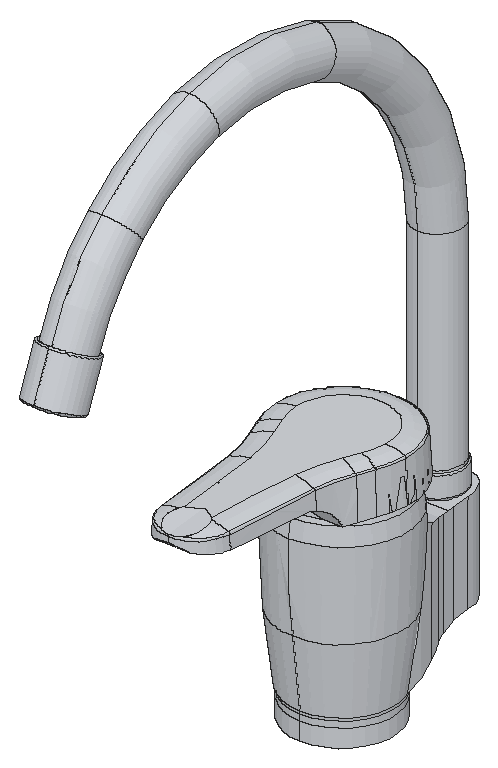
Revit family "Faucet-Kitchen-KOHLER-CANDIDE-K-668X_1", category Plumbing Fixtures, host Face, Revit 2017
Family settings
  Host = Face
  Round Connector Dimension = Use Diameter
  Part Type = Normal
  OmniClass Number = 23.31.11.00
  Cut with Voids When Loaded = No
  Shared = No
  Room Calculation Point = No
Parameters (values of type "CP-Polished Chrome")
  Width = 2 127/256"  # constant formula
  WaterSense Certified = 1 = 0  # no
  Waste Water Outlet = "Waste Water Outlet"  # constant formula
  Waste Connection = 1 = 0  # no
  Vent Connection = 1 = 0  # no
  URL = "https://www.kohler.co.th/"
  Type = 1
  Spout Reach = 6 117/256"  # constant formula
  Product Page URL = "https://www.kohler.co.th/productDetails/668X?skuid=668X-CP"
  Product Name = "CANDIDE"  # constant formula
  Product Documentation Link = "http://resources.kohler.com/plumbing/kohlerapac/pdf/x4_170325230228.pdf"
  Pressure = 0.00 psi
  Model = "K-668X-CP"  # constant formula
  Material = "Brass Construction"  # constant formula
  Master Format 2014 Name = "Residential Faucets, Supplies, and Trim"  # constant formula
  Master Format 2014 = "22 41 39"  # constant formula
  Manufacturer Address = "16th Floor, Jasmine City Building 2, Soi Sukhumvit 23, Sukhumvit Road, Khlong Toei Nuea, Watthana, Bangkok 10110"  # constant formula
  Manufacturer = "KOHLER Co."  # constant formula
  Length = Spout Reach  # 6 117/256"
  Hot Water Inlet = "Hot Water Inlet"  # constant formula
  Height = 11 167/256"  # constant formula
  Handle Clearance = 3 115/128"  # constant formula
  HW Connection = 1 = 1  # yes
  Flow Rate = 0 GPM
  Finish = Kohler-Metal-CP-Polished_Chrome
  Environmental Product Declaration = ""
  Drain Included = 1 = 0  # no
  Description = "Sink Mixer Faucet"  # constant formula
  Default Elevation = 36"
  Declare Label = ""
  Date Modified = "08/20/2020"  # constant formula
  Date Created = "08/20/2020"  # constant formula
  Copyright = "Copyright KOHLER Co."  # constant formula
  Contact Us = "https://www.kohler.co.th/contact-us"
  Cold Water Inlet = "Cold Water Inlet"  # constant formula
  CW Connection = 1 = 1  # yes
  Assembly Code = "D2010"
  ADA Compliant = 1 = 0  # no
Reference planes (in)
  plane 1 "Center (Front/Back)": y = 0
  plane 2: z = 0
  plane 3 "Center (Left/Right)": x = 0
  plane 4: y = 2.7107192
  plane 5: y = -6.9523039
  plane 6: y = 1.2529744
  plane 7: y = -1.2529744
  plane 8: x = -1.2486729
  plane 9: x = 1.2474209
  plane 10: z = 11.6523437
  plane 11: z = 7.7952756
  plane 12: y = -6.4570313
  plane 13: y = 0.9130575
  plane 14: y = -0.9579793
  plane 15: z = 4.6850394
  plane 16: z = 3.8355063
  plane 17: y = -3.8984375
  plane 18: x = -0.9355469
  plane 19: x = 0.9355469
  plane 20: x = -0.4921081
  plane 21: x = -0.4319135
  plane 22: x = 0.4921081
  plane 23: x = 0.4319135
Dimensions and locks (in)
  "Handle Clearance": plane 1 "Center (Front/Back)" to plane 17
  plane 11 to level = 7.79528"
  "Spout Reach": nested 1 to plane 12
  plane 15 to level = 4.68504"
  "Length": plane 12 to plane 1 "Center (Front/Back)"
  "Height": plane 10 to level
  "Width": plane 8 to plane 9
  locked: plane 19 to plane 18 at 1.8710937
  aligned and locked: plane 2 to host face
  aligned and locked: level to host face
Automatic sketch dimensions
  host sketch curve to host sketch curve = 96"  (x2)
Nested families (in)
  nested 1: "K-668X" at (0, 0, 0), type "K-668X"
Connectors (in)
  piping at (-0.4921081, 0, 0), diameter 0.5, driven by "Flow Rate", driven by "HW Connection", driven by "Hot Water Inlet"
    settings: on nested 1, index 1, connector inside diameter 24", connector length 0", flow factor 0, pipe flow 0 GPM, pressure drop 0.00 psi, fitting loss kfactor 0, connector angle 0.00°, fixture units 0, engagement length 0", angle of deflection 0.00°, flow configuration 0, flow direction 1, fitting loss method 0, system type 19, joint type 0, gender type 0, connector reference index -1, connector utility 1, adjustable connector no, is connector primary yes, connector description "Hot Water Inlet"
  piping at (0.4921081, 0, 0), diameter 0.5, driven by "Flow Rate", driven by "CW Connection", driven by "Cold Water Inlet"
    settings: on nested 1, index 2, connector inside diameter 24", connector length 0", flow factor 0, pipe flow 0 GPM, pressure drop 0.00 psi, fitting loss kfactor 0, connector angle 0.00°, fixture units 0, engagement length 0", angle of deflection 0.00°, flow configuration 0, flow direction 1, fitting loss method 0, system type 20, joint type 0, gender type 0, connector reference index -1, connector utility 1, adjustable connector no, is connector primary no, connector description "Cold Water Inlet"
Definition of nested family "K-668X"
  Parameters (values of type "K-668X")
    Material = none
  Reference planes (in)
    plane 1 "Center (Front/Back)": y = 0
    plane 2: z = 0
    plane 3 "Center (Left/Right)": x = 0
    plane 4: z = 11.6535433
    plane 5: y = -6.4566929
    plane 6: z = 4.6703909
    plane 7: z = 7.7952756
    plane 8: y = 2.7107192
    plane 9: y = 2.5876289
    plane 10: y = 2.5482999
    plane 11: y = 2.1249691
    plane 12: y = 1.2527038
    plane 13: x = -0.4330121
    plane 14: x = 0.4330121
    plane 15: y = -6.9511514
    plane 16: z = 8.8410068
    plane 17: z = 8.8015103
    plane 18: z = 8.0030821
    plane 19: z = 7.9523007
    plane 20: z = 7.6162777
    plane 21: z = 7.6670591
    plane 22: x = -0.4921081
    plane 23: x = 0.4921081
    plane 24: x = 0.9355125
    plane 25: x = -0.9355125
    plane 26: y = 1.6427782
    plane 27: y = 1.6821071
    plane 28: y = 0.9130575
    plane 29: y = -0.9599325
    plane 30: x = -1.2320713
    plane 31: x = 1.2330479
    plane 32: z = 3.8355063
    plane 33: y = -3.8975901
    plane 34: y = -1.2124824
    plane 35: z = 2.7822491
    plane 36: z = 3.1956456
    plane 37: z = 4.2976343
  Forms (in)
    Sweep 1, solid, material <- "Material", detail levels medium+fine
      path origin (0, -0.0170898, 0) x (0, 1, 0) y (0, 0, 1)
        loop
          line (1.7028033, 3.1423734) -> (1.7028033, 3.2350153) -> (1.7028033, 7.0303373)
          arc (1.7028033, 7.0303373) -> (1.0013905, 9.2082996) -> (-0.8392009, 10.5676093) r 3.73211
          arc (-0.8392009, 10.5676093) -> (-2.0100515, 10.7791332) -> (-3.1922794, 10.6450782) r 4.0941936
          arc (-3.1922794, 10.6450782) -> (-4.0500731, 10.3032866) -> (-4.8015604, 9.7667249) r 3.8425359
          arc (-4.8015604, 9.7667249) -> (-5.346136, 9.1375652) -> (-5.7302313, 8.3994085) r 3.5691785
      profile origin (0, 1.6857135, 5.1326763) x (0, -1, 0) y (1, 0, 0)
        loop
          circle (-0.4303468, 0) r 0.4319193
    Revolve 2, solid, material <- "Material", detail levels medium+fine
      sketch origin (0, -0.0112305, 0) x (0, 1, 0) y (0, 0, 1)
        loop
          line (-0.0112246, 0) -> (-0.0112246, 4.4687613)
          arc (-0.0112246, 4.4687613) -> (-0.6063344, 4.4304029) -> (-1.1933419, 4.3252876) r 5.2883805
          arc (-1.1933419, 4.3252876) -> (-1.2076676, 4.3165678) -> (-1.2141624, 4.3011057) r 0.0272183
          arc (-1.2141624, 4.3011057) -> (-1.2313399, 4.0684642) -> (-1.2434926, 3.8355063) r 10.8082384
          line (-1.2434926, 3.8355063) -> (-1.1152354, 3.8355063)
          arc (-1.1152354, 3.8355063) -> (-1.1337818, 3.7581188) -> (-1.1512948, 3.6804909) r 5.9687304
          arc (-1.1512948, 3.6804909) -> (-1.1789918, 3.5213025) -> (-1.1929271, 3.3603246) r 1.8813095
          arc (-1.1929271, 3.3603246) -> (-1.1913746, 2.5588582) -> (-1.1172649, 1.7608241) r 8.8431298
          arc (-1.1172649, 1.7608241) -> (-1.0339961, 1.1270506) -> (-0.9599811, 0.4921299) r 43.8202248
          arc (-0.9599811, 0.4921299) -> (-0.9572024, 0.4679914) -> (-0.9541414, 0.4438871) r 2.0758828
          arc (-0.9541414, 0.4438871) -> (-0.9482026, 0.3831854) -> (-0.9464803, 0.3222183) r 0.8805129
          arc (-0.9464803, 0.3222183) -> (-0.9470599, 0.1611095) -> (-0.9467371, 0) r 28.7657648
          line (-0.9467371, 0) -> (-0.0112246, 0)
        axis (-0.0112246, 4.4687613) -> (-0.0112246, 0)
      angle from 0 to 360
    Extrusion 3, solid, material <- "Material", detail levels medium+fine
      sketch origin (0, 0, 0) x (0, 1, 0) y (0, 0, 1)
        loop
          arc (1.6255648, 2.7773663) -> (1.2396003, 2.8300815) -> (0.8819079, 2.9843657) r 1.4393136
          arc (0.8819079, 2.9843657) -> (0.5724683, 3.1074563) -> (0.2398595, 3.1240547) r 1.0176236
          line (0.2398595, 3.1240547) -> (0.2398595, 0.4897253)
          arc (0.2398595, 0.4897253) -> (0.7447201, 0.6314228) -> (1.2382012, 0.8087327) r 7.3546461
          arc (1.2382012, 0.8087327) -> (1.7553335, 0.9513569) -> (2.2912023, 0.976096) r 2.4108211
          arc (2.2912023, 0.976096) -> (2.5881472, 1.0823687) -> (2.7135857, 1.3717392) r 0.3964897
          line (2.7135857, 1.3717392) -> (2.7135857, 2.0851998)
          arc (2.7135857, 2.0851998) -> (2.6865972, 2.2505587) -> (2.7135857, 2.4159177) r 0.5200737
          line (2.7135857, 2.4159177) -> (2.7135857, 2.7773663) -> (1.6255648, 2.7773663)
      from -0.8946167 to 0.905329
    Extrusion 4, void
      sketch origin (0, 0, 0) x (1, 0, 0) y (0, 1, 0)
        loop
          line (1.2971608, 2.7448357) -> (-1.2346608, 2.7448357) -> (-1.2346608, 0.0485046) -> (-0.8946167, 0.0485046)
          arc (-0.8946167, 0.0485046) -> (-0.8764955, 0.2950364) -> (-0.8848581, 0.5420919) r 2.3068631
          arc (-0.8848581, 0.5420919) -> (-0.875552, 0.7768835) -> (-0.8075216, 1.0017958) r 0.9271912
          arc (-0.8075216, 1.0017958) -> (-0.7637992, 1.0977088) -> (-0.7187516, 1.1930065) r 7.604568
          arc (-0.7187516, 1.1930065) -> (-0.68517, 1.2679642) -> (-0.6557305, 1.3446432) r 1.5040474
          arc (-0.6557305, 1.3446432) -> (-0.6060316, 1.5370921) -> (-0.5902211, 1.7352248) r 1.1497268
          arc (-0.5902211, 1.7352248) -> (-0.5866366, 1.8727031) -> (-0.5739968, 2.009646) r 2.0850071
          arc (-0.5739968, 2.009646) -> (-0.5541818, 2.1507411) -> (-0.5302838, 2.2912023) r 4.9130203
          arc (-0.5302838, 2.2912023) -> (-0.5016821, 2.3881549) -> (-0.4537038, 2.4771265) r 0.4875895
          arc (-0.4537038, 2.4771265) -> (-0.3322877, 2.6037307) -> (-0.1762236, 2.683821) r 0.5305236
          arc (-0.1762236, 2.683821) -> (0.0001688, 2.7111075) -> (0.1765004, 2.6834308) r 0.5796389
          arc (0.1765004, 2.6834308) -> (0.3322535, 2.6033244) -> (0.4537038, 2.4771265) r 0.5339129
          arc (0.4537038, 2.4771265) -> (0.5413708, 2.2947694) -> (0.5698945, 2.0944546) r 0.6623516
          arc (0.5698945, 2.0944546) -> (0.5729182, 1.9146047) -> (0.5862575, 1.7352248) r 3.1332639
          arc (0.5862575, 1.7352248) -> (0.6041062, 1.5939369) -> (0.6283564, 1.4536061) r 3.1332639
          arc (0.6283564, 1.4536061) -> (0.6483607, 1.3709742) -> (0.6754971, 1.2904024) r 0.9736597
          arc (0.6754971, 1.2904024) -> (0.7273457, 1.1545799) -> (0.7781407, 1.0183599) r 18.7678559
          arc (0.7781407, 1.0183599) -> (0.8672537, 0.678045) -> (0.8891283, 0.3269371) r 1.8172824
          arc (0.8891283, 0.3269371) -> (0.8907616, 0.1873445) -> (0.905329, 0.0485046) r 1.5042194
          line (0.905329, 0.0485046) -> (1.2971608, 0.0485046) -> (1.2971608, 2.7448357)
      from 0.4330709 to 3.2041795
    Revolve 5, solid, material <- "Material", detail levels medium+fine
      sketch origin (0, -0.0215187, -0.0001636) x (0, 1, 0) y (0, 0, 1)
        loop
          line (-6.1141515, 8.6070724) -> (-6.4313598, 7.8597765) -> (-6.1035276, 7.72062) -> (-6.122943, 7.6748802)
          arc (-6.122943, 7.6748802) -> (-6.123103, 7.656544) -> (-6.1102505, 7.6434652) r 0.0239583
          line (-6.1102505, 7.6434652) -> (-6.026152, 7.6077676)
          arc (-6.026152, 7.6077676) -> (-6.0103391, 7.6076296) -> (-5.9990601, 7.6187134) r 0.0206614
          line (-5.9990601, 7.6187134) -> (-5.6689998, 8.3962868)
          arc (-5.6689998, 8.3962868) -> (-5.6688656, 8.4116659) -> (-5.6796454, 8.4226355) r 0.0200946
          line (-5.6796454, 8.4226355) -> (-6.1141515, 8.6070724)
        axis (-6.4601364, 7.791983) -> (-6.1141515, 8.6070724)
      angle from 0 to 360
    Extrusion 6, void
      sketch origin (0, 0, 0) x (1, 0, 0) y (0, 0, 1)
        loop
          circle (0.0045023, 2.2120603) r 0.1651425
      from -2.7442453 to -2.6212152
    Sweep 7, solid, material <- "Material", detail levels medium+fine
      path origin (0, 0, 0) x (1, 0, 0) y (0, 1, 0)
        loop
          arc (0.7603187, -1.5947352) -> (0.8285612, -1.2404186) -> (0.9409831, -0.8975504) r 2.8527827
          arc (0.9409831, -0.8975504) -> (1.0004101, -0.7469901) -> (1.0585732, -0.5959371) r 19.3142825
          arc (1.0585732, -0.5959371) -> (1.1350286, -0.3436037) -> (1.1759608, -0.0831385) r 1.9076238
          arc (1.1759608, -0.0831385) -> (0.034037, 1.1994076) -> (-1.1807002, -0.0143997) r 1.1807867
          arc (-1.1807002, -0.0143997) -> (-1.1491777, -0.294346) -> (-1.0714322, -0.5651211) r 1.684139
          arc (-1.0714322, -0.5651211) -> (-1.0074211, -0.7315799) -> (-0.9421544, -0.8975504) r 23.6085344
          arc (-0.9421544, -0.8975504) -> (-0.8300264, -1.2404948) -> (-0.76149, -1.5947352) r 2.8909457
          arc (-0.76149, -1.5947352) -> (-0.6661577, -2.4501829) -> (-0.6011364, -3.3084667) r 24.3361922
          arc (-0.6011364, -3.3084667) -> (-0.416368, -3.7086493) -> (-0.0085214, -3.8758218) r 0.6022868
          arc (-0.0085214, -3.8758218) -> (0.4103488, -3.7145942) -> (0.6014167, -3.3084667) r 0.6022868
          arc (0.6014167, -3.3084667) -> (0.6660721, -2.4502291) -> (0.7603187, -1.5947352) r 24.9258612
      profile origin (0.034037, 1.1994076, 0) x (0.029155, 0.999575, 0) y (0, 0, 1)
        loop
          arc (0.0504039, 3.8355063) -> (0.0390869, 4.2024025) -> (0.0143094, 4.5686359) r 9.9978913
          arc (0.0143094, 4.5686359) -> (0.0074172, 4.5870609) -> (-0.0080173, 4.5992577) r 0.0366057
          arc (-0.0080173, 4.5992577) -> (-0.1807502, 4.6522241) -> (-0.3605336, 4.6701134) r 0.9123347
          line (-0.3605336, 4.6701134) -> (-0.4790338, 4.6701134) -> (-0.4790338, 3.8355063) -> (0.0504039, 3.8355063)
    Extrusion 8, solid, material <- "Material", detail levels medium+fine
      sketch origin (0, 0, 0) x (1, 0, 0) y (0, 1, 0)
        loop
          arc (0.6987268, -0.041652) -> (0.0200705, 0.7205775) -> (-0.7018595, -0.0007999) r 0.7017529
          arc (-0.7018595, -0.0007999) -> (-0.6793032, -0.2011187) -> (-0.6236715, -0.394875) r 1.2051052
          arc (-0.6236715, -0.394875) -> (-0.5609592, -0.5579562) -> (-0.4970168, -0.7205591) r 23.1295006
          arc (-0.4970168, -0.7205591) -> (-0.3663091, -1.1203298) -> (-0.2864161, -1.5332684) r 3.3699795
          arc (-0.2864161, -1.5332684) -> (-0.1892072, -2.4055547) -> (-0.1229061, -3.280733) r 24.815226
          arc (-0.1229061, -3.280733) -> (-0.0850947, -3.362627) -> (-0.0016323, -3.3968375) r 0.123253
          arc (-0.0016323, -3.3968375) -> (0.084086, -3.3638436) -> (0.1231864, -3.280733) r 0.123253
          arc (0.1231864, -3.280733) -> (0.1890844, -2.4060014) -> (0.2851423, -1.5340664) r 25.404895
          arc (0.2851423, -1.5340664) -> (0.3648438, -1.1202536) -> (0.4961434, -0.7198117) r 3.3318165
          arc (0.4961434, -0.7198117) -> (0.5540965, -0.5729856) -> (0.6108171, -0.425679) r 18.8352487
          arc (0.6108171, -0.425679) -> (0.6680733, -0.2367104) -> (0.6987268, -0.041652) r 1.42859
      from 3.8355063 to 4.6701134
    Extrusion 9, void
      sketch origin (0, 0, 0) x (0, 1, 0) y (0, 0, 1)
        loop
          line (-1.8588169, 4.2976545) -> (-2.5079346, 4.2976545)
          arc (-2.5079346, 4.2976545) -> (-3.1367205, 4.3178008) -> (-3.762927, 4.378157) r 9.8226022
          arc (-3.762927, 4.378157) -> (-3.8704462, 4.4353389) -> (-3.9134223, 4.5492828) r 0.1725399
          line (-3.9134223, 4.5492828) -> (-3.9134223, 4.8407307) -> (-4.18179, 4.8407307) -> (-4.18179, 3.7694499) -> (-1.1053543, 3.7694499)
          arc (-1.1053543, 3.7694499) -> (-1.3987337, 4.1524503) -> (-1.8588169, 4.2976545) r 0.8014944
      from -1.3230684 to 1.3433175
    Extrusion 10, void
      sketch origin (0, 0, 0) x (1, 0, 0) y (0, 0, 1)
        loop
          circle (0.0003126, 4.1192439) r 0.1701332
      from 1.1511372 to 1.7663584
    Revolve 11, solid, material <- "Material", detail levels medium+fine
      sketch origin (0, 0, 0) x (0, 1, 0) y (0, 0, 1)
        loop
          line (-1.1975537, 4.131133) -> (-1.2153595, 4.2761499) -> (-1.3423329, 4.2605596)
          arc (-1.3423329, 4.2605596) -> (-1.3854168, 4.1897163) -> (-1.3929393, 4.1071427) r 0.1835972
          line (-1.3929393, 4.1071427) -> (-1.1975537, 4.131133)
        axis (-1.3929393, 4.1071427) -> (-1.1975537, 4.131133)
      angle from 0 to 360
    Revolve 12, solid, material <- "Material", detail levels medium+fine
      sketch origin (0, 0, 0) x (0, 1, 0) y (0, 0, 1)
        loop
          line (2.1152549, 3.1956539) -> (2.1152549, 2.7765539) -> (2.5594709, 2.7765539)
          arc (2.5594709, 2.7765539) -> (2.5787436, 2.7845369) -> (2.5867267, 2.8038097) r 0.0272558
          line (2.5867267, 2.8038097) -> (2.5867267, 3.1759853)
          arc (2.5867267, 3.1759853) -> (2.5809659, 3.1898931) -> (2.5670581, 3.1956539) r 0.0196686
          line (2.5670581, 3.1956539) -> (2.1152549, 3.1956539)
        axis (2.1152549, 2.7765539) -> (2.1152549, 3.1956539)
      angle from 0 to 360
    Extrusion 13, solid, material <- "Material", detail levels medium+fine
      sketch origin (0, 0, 0) x (1, 0, 0) y (0, 1, 0)
        loop
          circle (-0.4921081, 0) r 0.25
        loop
          circle (0.4921081, 0) r 0.25
      from 0 to 0.2313432
    Extrusion 14, solid, material <- "Material", detail levels coarse
      sketch origin (0, 0, 0) x (1, 0, 0) y (0, 1, 0)
        loop
          circle (-0.0141216, 0.0061511) r 1.5
      from 0 to 4.658918
    Extrusion 15, solid, material <- "Material", detail levels coarse
      sketch origin (0, 0, 0) x (1, 0, 0) y (0, 1, 0)
        loop
          line (0.9114295, -1.1326753) -> (-0.9114295, -1.1326753) -> (-0.6296172, -3.3393131)
          arc (-0.6296172, -3.3393131) -> (0, -3.8936349) -> (0.6296172, -3.3393131) r 0.634731
          line (0.6296172, -3.3393131) -> (0.9114295, -1.1326753)
      from 4.2976545 to 4.658918
    Extrusion 16, solid, material <- "Material", detail levels coarse
      sketch origin (0, 0, 0) x (1, 0, 0) y (0, 1, 0)
        loop
          line (-0.8005033, 1.039284) -> (0.8455326, 1.039284) -> (0.8455326, 2.789284) -> (-0.8005033, 2.789284) -> (-0.8005033, 1.039284)
      from 0.6026197 to 3.1423734
    Sweep 17, solid, material <- "Material", detail levels coarse
      path origin (0, 0.0835886, -0.0275339) x (0, 1, 0) y (0, 0, 1)
        loop
          line (1.539284, 3.1423734) -> (1.539284, 7.0485534)
          arc (1.539284, 7.0485534) -> (-1.6683346, 10.7591224) -> (-5.8038213, 8.12191) r 3.75
          line (-5.8038213, 8.12191) -> (-5.9770755, 7.5419344)
      profile origin (0, 1.6228726, 5.0679295) x (0, -1, 0) y (1, 0, 0)
        loop
          circle (-0.5864914, 0.0082058) r 0.5609206
    Extrusion 18, void
      sketch origin (0, 0.4670427, 0.4112679) x (1, 0, 0) y (0, -0.104528, 0.994522)
        loop
          arc (-0.5932286, 4.6900214) -> (-0.0082517, 4.608181) -> (0.5767252, 4.6900214) r 2.1315611
          line (0.5767252, 4.6900214) -> (-0.5932286, 4.6900214)
      from 2.8012674 to 4.0080283
  Cuts and joins
    Extrusion 9, Extrusion 10, Extrusion 18 cuts Sweep 7
    Extrusion 9, Extrusion 10, Extrusion 18 cuts Extrusion 8
    joined: Sweep 7, Extrusion 8, Revolve 12
    Extrusion 4, Extrusion 6 cuts Extrusion 3
    joined: Sweep 1, Revolve 2, Extrusion 3, Revolve 5, Revolve 11, Extrusion 13
    joined: Extrusion 14, Extrusion 15, Extrusion 16, Sweep 17
  Lines and regions (in)
    Masking region 1
      outline origin (0, 0, 0) x (1, 0, 0) y (0, 1, 0)
        loop
          arc (-0.5064357, 2.3737068) -> (-0.5455639, 2.2505473) -> (-0.5649466, 2.1227836) r 0.8236297
          arc (-0.5649466, 2.1227836) -> (-0.5777665, 1.9234059) -> (-0.5874671, 1.7238521) r 12.7761709
          line (-0.5874671, 1.7238521) -> (-0.6244624, 1.4806849)
          arc (-0.6244624, 1.4806849) -> (-0.7367699, 1.164044) -> (-0.894888, 0.8676099) r 2.2543669
          arc (-0.894888, 0.8676099) -> (-1.2141856, 0.1903304) -> (-1.1230967, -0.5528796) r 1.3488756
          arc (-1.1230967, -0.5528796) -> (-0.9270422, -1.0834663) -> (-0.7841224, -1.630763) r 5.7443101
          line (-0.7841224, -1.630763) -> (-0.6258005, -3.359859)
          arc (-0.6258005, -3.359859) -> (-0.5658827, -3.563234) -> (-0.4330764, -3.7285035) r 0.5465354
          line (-0.4330764, -3.7285035) -> (-0.4330764, -5.9021085)
          arc (-0.4330764, -5.9021085) -> (-0.4773411, -6.0142113) -> (-0.49241, -6.1337912) r 0.4819975
          line (-0.49241, -6.1337912) -> (-0.49241, -6.4582533)
          arc (-0.49241, -6.4582533) -> (0.022927, -6.9511514) -> (0.49241, -6.4143959) r 0.4933866
          line (0.49241, -6.4143959) -> (0.49241, -6.1337912)
          arc (0.49241, -6.1337912) -> (0.4773411, -6.0142113) -> (0.4330764, -5.9021085) r 0.4819975
          line (0.4330764, -5.9021085) -> (0.4330764, -3.7285035)
          arc (0.4330764, -3.7285035) -> (0.5658827, -3.563234) -> (0.6258005, -3.359859) r 0.5465354
          line (0.6258005, -3.359859) -> (0.7841224, -1.630763)
          arc (0.7841224, -1.630763) -> (0.9270422, -1.0834663) -> (1.1230967, -0.5528796) r 5.7443101
          arc (1.1230967, -0.5528796) -> (1.2141856, 0.1903304) -> (0.894888, 0.8676099) r 1.3488756
          arc (0.894888, 0.8676099) -> (0.744727, 1.1462141) -> (0.635063, 1.443102) r 2.2543669
          line (0.635063, 1.443102) -> (0.5923499, 1.7238521)
          arc (0.5923499, 1.7238521) -> (0.5826493, 1.9234059) -> (0.5698294, 2.1227836) r 12.7761709
          arc (0.5698294, 2.1227836) -> (0.5469732, 2.2648633) -> (0.4997363, 2.4007961) r 0.8236297
          arc (0.4997363, 2.4007961) -> (-0.0122018, 2.7160426) -> (-0.5064357, 2.3737068) r 0.5494826
    Masking region 2
      outline origin (0, 0, 0) x (0, 1, 0) y (0, 0, 1)
        loop
          line (0.9128865, 0) -> (0.9128865, 0.3937021)
          arc (0.9128865, 0.3937021) -> (0.9775934, 0.5833037) -> (1.1146236, 0.729449) r 0.4756834
          arc (1.1146236, 0.729449) -> (1.2460311, 0.80645) -> (1.3875113, 0.8628453) r 1.0113871
          arc (1.3875113, 0.8628453) -> (1.5511745, 0.9056043) -> (1.7182036, 0.9323486) r 1.7485333
          arc (1.7182036, 0.9323486) -> (1.966258, 0.9647806) -> (2.216014, 0.9790906) r 3.4382971
          arc (2.216014, 0.9790906) -> (2.2790944, 0.9805409) -> (2.3421681, 0.9822612) r 14.7367098
          arc (2.3421681, 0.9822612) -> (2.6033865, 1.0972751) -> (2.7106694, 1.3617625) r 0.3796654
          line (2.7106694, 1.3617625) -> (2.7106694, 2.0460401)
          arc (2.7106694, 2.0460401) -> (2.6843998, 2.2115093) -> (2.7106694, 2.3769784) r 0.5342712
          line (2.7106694, 2.3769784) -> (2.7106694, 2.7821059) -> (2.5876802, 2.7821059) -> (2.5876802, 3.1655678)
          arc (2.5876802, 3.1655678) -> (2.5864786, 3.1814987) -> (2.5790555, 3.1956456) r 0.0394361
          line (2.5790555, 3.1956456) -> (2.5483293, 3.1956456) -> (2.5483293, 6.9304684)
          arc (2.5483293, 6.9304684) -> (1.277667, 10.2049828) -> (-1.9259176, 11.6451468) r 4.6296679
          arc (-1.9259176, 11.6451468) -> (-4.6837143, 10.9416008) -> (-6.52712, 8.7731278) r 4.6907774
          line (-6.52712, 8.7731278) -> (-6.5695783, 8.7911503)
          arc (-6.5695783, 8.7911503) -> (-6.5851145, 8.7912859) -> (-6.5961961, 8.780396) r 0.0202997
          line (-6.5961961, 8.780396) -> (-6.9267207, 8.0017289)
          arc (-6.9267207, 8.0017289) -> (-6.9268517, 7.9867176) -> (-6.9163297, 7.9760104) r 0.0196139
          line (-6.9163297, 7.9760104) -> (-6.8443686, 7.9454648)
          arc (-6.8443686, 7.9454648) -> (-6.8170433, 7.9274925) -> (-6.7877596, 7.9129275) r 0.2721776
          line (-6.7877596, 7.9129275) -> (-6.1788973, 7.6544808)
          arc (-6.1788973, 7.6544808) -> (-6.148078, 7.6435335) -> (-6.116168, 7.6363619) r 0.2721776
          line (-6.116168, 7.6363619) -> (-6.0464498, 7.6067683)
          arc (-6.0464498, 7.6067683) -> (-6.0314386, 7.6066373) -> (-6.0207314, 7.6171592) r 0.0196139
          line (-6.0207314, 7.6171592) -> (-5.6902068, 8.3958264)
          arc (-5.6902068, 8.3958264) -> (-5.6900601, 8.4113349) -> (-5.7009062, 8.4224208) r 0.0202997
          line (-5.7009062, 8.4224208) -> (-5.7332107, 8.4362453)
          arc (-5.7332107, 8.4362453) -> (-4.3115211, 10.1566627) -> (-2.1751318, 10.8023239) r 3.8591867
          arc (-2.1751318, 10.8023239) -> (0.553459, 9.6724559) -> (1.6837269, 6.9440306) r 3.8582933
          line (1.6837269, 6.9440306) -> (1.6837269, 3.1956456) -> (1.6514586, 3.1956456)
          arc (1.6514586, 3.1956456) -> (1.6440356, 3.1814987) -> (1.642834, 3.1655678) r 0.0394361
          line (1.642834, 3.1655678) -> (1.642834, 2.7822738) -> (1.5520946, 2.7822738)
          arc (1.5520946, 2.7822738) -> (1.2806687, 2.8916752) -> (1.1609747, 3.1587221) r 0.3914059
          arc (1.1609747, 3.1587221) -> (1.1377458, 3.5001548) -> (1.0680227, 3.835199) r 2.4954806
          line (1.0680227, 3.835199) -> (1.2535944, 3.835199)
          arc (1.2535944, 3.835199) -> (1.2416672, 4.1839963) -> (1.2173212, 4.5321473) r 9.7945216
          arc (1.2173212, 4.5321473) -> (1.1981722, 4.5818128) -> (1.1555434, 4.6136896) r 0.0961843
          arc (1.1555434, 4.6136896) -> (1.003384, 4.6560116) -> (0.8460938, 4.6702741) r 0.8744529
          line (0.8460938, 4.6702741) -> (-3.5407953, 4.6702741)
          arc (-3.5407953, 4.6702741) -> (-3.7068804, 4.6522718) -> (-3.865251, 4.5991013) r 0.7751352
          arc (-3.865251, 4.5991013) -> (-3.8837473, 4.5835487) -> (-3.89174, 4.5607427) r 0.0457508
          line (-3.89174, 4.5607427) -> (-3.8975901, 4.4770837)
          arc (-3.8975901, 4.4770837) -> (-3.842903, 4.4102098) -> (-3.7626941, 4.3781268) r 0.172957
          arc (-3.7626941, 4.3781268) -> (-3.1367205, 4.3178008) -> (-2.5079346, 4.2976545) r 9.8226022
          line (-2.5079346, 4.2976545) -> (-1.8588169, 4.2976545)
          arc (-1.8588169, 4.2976545) -> (-1.6144641, 4.2594982) -> (-1.3933768, 4.1486621) r 0.8014944
          arc (-1.3933768, 4.1486621) -> (-1.3751373, 4.0460162) -> (-1.3046064, 3.9692422) r 0.1862971
          line (-1.3046064, 3.9692422) -> (-1.2905501, 3.8355063) -> (-1.1264658, 3.8355063)
          arc (-1.1264658, 3.8355063) -> (-1.1450123, 3.7581188) -> (-1.1625253, 3.6804909) r 5.9687304
          arc (-1.1625253, 3.6804909) -> (-1.1902223, 3.5213025) -> (-1.2041576, 3.3603246) r 1.8813095
          arc (-1.2041576, 3.3603246) -> (-1.2026051, 2.5588582) -> (-1.1284954, 1.7608241) r 8.8431298
          arc (-1.1284954, 1.7608241) -> (-1.0452266, 1.1270506) -> (-0.9712115, 0.4921299) r 43.8202248
          arc (-0.9712115, 0.4921299) -> (-0.9651864, 0.4424955) -> (-0.9579676, 0.3930206) r 2.0758828
          line (-0.9579676, 0.3930206) -> (-0.9579676, 0) -> (0.9128865, 0)
    Masking region 3
      outline origin (0, 0, 0) x (1, 0, 0) y (0, 0, 1)
        loop
          line (0.9355125, 0) -> (0.9355125, 0.3930206)
          arc (0.9355125, 0.3930206) -> (1.0492921, 1.1744546) -> (1.1297329, 1.9600207) r 18.5624752
          arc (1.1297329, 1.9600207) -> (1.1808139, 2.5607192) -> (1.1879189, 3.1635438) r 8.2550427
          arc (1.1879189, 3.1635438) -> (1.1695346, 3.5024682) -> (1.1040108, 3.8355063) r 2.4251432
          line (1.1040108, 3.8355063) -> (1.2318702, 3.8355063)
          arc (1.2318702, 3.8355063) -> (1.2201333, 4.2019897) -> (1.1950441, 4.5678016) r 10.0565539
          arc (1.1950441, 4.5678016) -> (1.1877305, 4.5870974) -> (1.1713951, 4.5997058) r 0.0379175
          arc (1.1713951, 4.5997058) -> (0.9679927, 4.6571744) -> (0.7570413, 4.6703909) r 0.9951873
          line (0.7570413, 4.6703909) -> (0.4330398, 4.6703909) -> (0.4330398, 7.7172181)
          arc (0.4330398, 7.7172181) -> (0.4453723, 7.7272015) -> (0.4568993, 7.7381051) r 0.2058426
          arc (0.4568993, 7.7381051) -> (0.4820878, 7.7708389) -> (0.4921081, 7.8109083) r 0.1012513
          line (0.4921081, 7.8109083) -> (0.4921081, 8.5957662)
          arc (0.4921081, 8.5957662) -> (0.4907307, 8.6151547) -> (0.4853938, 8.6338451) r 0.0939693
          arc (0.4853938, 8.6338451) -> (0.4634582, 8.6676453) -> (0.4330398, 8.6940715) r 0.1444538
          line (0.4330398, 8.6940715) -> (0.4330398, 11.2209973)
          arc (0.4330398, 11.2209973) -> (0, 11.6540371) -> (-0.4330398, 11.2209973) r 0.4330398
          line (-0.4330398, 11.2209973) -> (-0.4330398, 8.6940715)
          arc (-0.4330398, 8.6940715) -> (-0.4634582, 8.6676453) -> (-0.4853938, 8.6338451) r 0.1444538
          arc (-0.4853938, 8.6338451) -> (-0.4907307, 8.6151547) -> (-0.4921081, 8.5957662) r 0.0939693
          line (-0.4921081, 8.5957662) -> (-0.4921081, 7.8109083)
          arc (-0.4921081, 7.8109083) -> (-0.4820878, 7.7708389) -> (-0.4568993, 7.7381051) r 0.1012513
          arc (-0.4568993, 7.7381051) -> (-0.4453723, 7.7272015) -> (-0.4330398, 7.7172181) r 0.2058426
          line (-0.4330398, 7.7172181) -> (-0.4330398, 4.6703909) -> (-0.7570413, 4.6703909)
          arc (-0.7570413, 4.6703909) -> (-0.9679927, 4.6571744) -> (-1.1713951, 4.5997058) r 0.9951873
          arc (-1.1713951, 4.5997058) -> (-1.1877305, 4.5870974) -> (-1.1950441, 4.5678016) r 0.0379175
          arc (-1.1950441, 4.5678016) -> (-1.2201333, 4.2019897) -> (-1.2318702, 3.8355063) r 10.0565539
          line (-1.2318702, 3.8355063) -> (-1.1040108, 3.8355063)
          arc (-1.1040108, 3.8355063) -> (-1.1695346, 3.5024682) -> (-1.1879189, 3.1635438) r 2.4251432
          arc (-1.1879189, 3.1635438) -> (-1.1808139, 2.5607192) -> (-1.1297329, 1.9600207) r 8.2550427
          arc (-1.1297329, 1.9600207) -> (-1.0492921, 1.1744546) -> (-0.9355125, 0.3930206) r 18.5624752
          line (-0.9355125, 0.3930206) -> (-0.9355125, 0) -> (0.9355125, 0)
    symbolic lines, detail levels medium+fine
      curve 1: arc (-0.4330121, 1.7391656, 0) -> (-0.5203204, 1.8626664, 0) -> (-0.5729918, 2.004444, 0) r 0.5840977
      curve 2: line (-0.4319135, -6.1019421, 0) -> (-0.4319135, -5.9074783, 0)
      curve 3: arc (-0.4330121, 1.9365317, 0) -> (-0.4719024, 2.1125185, 0) -> (-0.4423052, 2.2903044, 0) r 0.4741389
      curve 4: line (0.4319135, -6.1019421, 0) -> (0.4319135, -5.9042615, 0)
      curve 5: arc (0.43289, 1.9255079, 0) -> (0.1803443, 2.5518702, 0) -> (-0.4423052, 2.2903044, 0) r 0.4741389
      curve 6: arc (-0.4330121, 2.1152497, 0) -> (-0.000061, 2.5482007, 0) -> (0.43289, 2.1152497, 0) r 0.4329511
      curve 7: arc (-0.4330121, -1.1775456, 0) -> (-0.8322341, -0.940869, 0) -> (-1.1154741, -0.5732155, 0) r 1.2311906
      curve 8: arc (0.4319135, -6.1019421, 0) -> (0, -6.5338556, 0) -> (-0.4319135, -6.1019421, 0) r 0.4319135
      curve 9: arc (0.43289, 1.7390333, 0) -> (0.5202784, 1.8625868, 0) -> (0.5729918, 2.004444, 0) r 0.5840977
      curve 10: arc (-0.4330121, 1.1742429, 0) -> (-0.6814929, 1.0471998, 0) -> (-0.894979, 0.8674601, 0) r 1.2311906
      curve 11: arc (-0.4330121, -3.7047727, 0) -> (-0.5419186, -3.5460274, 0) -> (-0.5964752, -3.3614082, 0) r 0.6156834
      curve 12: line (-0.5964752, -3.3614082, 0) -> (-0.7526117, -1.5767599, 0)
      curve 13: arc (-0.7526117, -1.5767599, 0) -> (-0.8273661, -1.1717327, 0) -> (-0.977457, -0.7881862, 0) r 2.1653987
      curve 14: line (-0.4330121, -3.678814, 0) -> (-0.4588591, -3.652967, 0)
      curve 15: line (-0.4588591, -3.652967, 0) -> (-0.6667752, -1.5735414, 0)
      curve 16: arc (-0.6667752, -1.5735414, 0) -> (-0.7374918, -1.2259583, 0) -> (-0.8765428, -0.8996462, 0) r 1.7579638
      curve 17: arc (0.43289, -1.1775896, 0) -> (0.8315877, -0.9414409, 0) -> (1.1147548, -0.5746406, 0) r 1.2311906
      curve 18: arc (0.43289, 1.1742887, 0) -> (0.6814386, 1.0472359, 0) -> (0.894979, 0.8674601, 0) r 1.2311906
      curve 19: arc (0.43289, -3.7049015, 0) -> (0.5418804, -3.5461075, 0) -> (0.5964752, -3.3614082, 0) r 0.6156834
      curve 20: line (0.5964752, -3.3614082, 0) -> (0.7526117, -1.5767599, 0)
      curve 21: arc (0.7526117, -1.5767599, 0) -> (0.8273661, -1.1717327, 0) -> (0.977457, -0.7881862, 0) r 2.1653987
      curve 22: line (0.43289, -3.6789361, 0) -> (0.4588591, -3.652967, 0)
      curve 23: line (0.4588591, -3.652967, 0) -> (0.6667752, -1.5735414, 0)
      curve 24: arc (0.6667752, -1.5735414, 0) -> (0.7374918, -1.2259583, 0) -> (0.8765428, -0.8996462, 0) r 1.7579638
      curve 25: line (0, -5.709331, 8.4872408) -> (0, -6.5021133, 8.8263429)
      curve 26: line (0, -6.9023912, 8.0590454) -> (0, -5.996402, 7.6744757)
      curve 27: line (0, -1.1129618, 3.8355063) -> (0, 1.0815557, 3.8355063)
      curve 28: line (0, 2.5859658, 2.7822491) -> (0, 1.6427689, 2.7822491)
      curve 29: line (0, 1.6821849, 3.1956456) -> (0, 2.5483293, 3.1956456)
      curve 30: circle (0, 0, 4.1152202) r 0.1762202 normal (0, -1, 0)
      curve 31: circle (0, 0, 4.1157279) r 0.1483695 normal (0, -1, 0)
      curve 32: line (-1.1040108, 0, 3.8355063) -> (1.1040108, 0, 3.8355063)
      curve 33: line (-0.4330398, 0, 4.6703909) -> (0.4330398, 0, 4.6703909)
      curve 34: arc (-0.2787553, 0, 8.7665483) -> (-0.0381527, 0, 8.8008143) -> (0.2042541, 0, 8.7834154) r 1.1425135
      curve 35: arc (-0.3985261, 0, 8.7191328) -> (-0.3401711, 0, 8.7467064) -> (-0.2787553, 0, 8.7665483) r 0.5009444
      curve 36: arc (-0.4371855, 0, 8.690844) -> (-0.4187469, 0, 8.7062062) -> (-0.3985261, 0, 8.7191328) r 0.1908527
      curve 37: arc (0.3985261, 0, 8.7191328) -> (0.3401711, 0, 8.7467064) -> (0.2787553, 0, 8.7665483) r 0.5009444
      curve 38: arc (0.4371855, 0, 8.690844) -> (0.4187469, 0, 8.7062062) -> (0.3985261, 0, 8.7191328) r 0.1908527
      curve 39: arc (-0.2759495, 0, 8.7620487) -> (-0.0075394, 0, 8.7948762) -> (0.2612568, 0, 8.7653763) r 1.1731619
      curve 40: arc (-0.3823942, 0, 8.7236456) -> (-0.3302198, 0, 8.7457518) -> (-0.2759495, 0, 8.7620487) r 0.5199134
      curve 41: arc (-0.4454806, 0, 8.6844238) -> (-0.4151079, 0, 8.7059174) -> (-0.3823942, 0, 8.7236456) r 0.31225
      curve 42: arc (0.3823942, 0, 8.7236456) -> (0.3231159, 0, 8.7482567) -> (0.2612568, 0, 8.7653763) r 0.5199134
      curve 43: arc (0.4454806, 0, 8.6844238) -> (0.4151079, 0, 8.7059174) -> (0.3823942, 0, 8.7236456) r 0.31225
      curve 44: arc (-0.1817643, 0, 7.9870527) -> (-0.0150538, 0, 8.0029767) -> (0.1520432, 0, 7.9918154) r 1.0353573
      curve 45: arc (0.1520432, 0, 7.9918154) -> (0.2594993, 0, 7.9731087) -> (0.3630045, 0, 7.9387078) r 0.7351
      curve 46: arc (0.3630045, 0, 7.9387078) -> (0.4059906, 0, 7.9173801) -> (0.445826, 0, 7.8906253) r 0.3669323
      curve 47: arc (0.445826, 0, 7.8906253) -> (0.4699231, 0, 7.8662562) -> (0.4866988, 0, 7.8363714) r 0.1281305
      curve 48: arc (0.4866988, 0, 7.8363714) -> (0.4907543, 0, 7.8215481) -> (0.4914671, 0, 7.8061965) r 0.0697908
      curve 49: arc (-0.1537433, 0, 7.991646) -> (-0.2603276, 0, 7.9728996) -> (-0.3630045, 0, 7.9387078) r 0.7351
      curve 50: arc (-0.3630045, 0, 7.9387078) -> (-0.4059906, 0, 7.9173801) -> (-0.445826, 0, 7.8906253) r 0.3669323
      curve 51: arc (-0.445826, 0, 7.8906253) -> (-0.4604103, 0, 7.8774796) -> (-0.4728149, 0, 7.86226) r 0.1281305
      curve 52: arc (-0.4728149, 0, 7.86226) -> (-0.4864452, 0, 7.835563) -> (-0.4924554, 0, 7.8061965) r 0.111282
      curve 53: arc (-0.1187335, 0, 7.6229449) -> (0.0618363, 0, 7.6180121) -> (0.2405153, 0, 7.644538) r 1.0353573
      curve 54: arc (0.2405153, 0, 7.644538) -> (0.3393291, 0, 7.6740548) -> (0.4330398, 0, 7.7171098) r 0.7351
      curve 55: arc (-0.1187335, 0, 7.6229449) -> (-0.243256, 0, 7.6402738) -> (-0.3630045, 0, 7.6785681) r 0.7351
      curve 56: arc (-0.3630045, 0, 7.6785681) -> (-0.3990788, 0, 7.6959824) -> (-0.4330398, 0, 7.7172253) r 0.3669323
      curve 57: line (-0.4330121, -3.8975901, 0) -> (-0.4330121, 2.1152497, 0)
      curve 58: line (0.43289, -3.7294776, 0) -> (0.43289, 2.1152497, 0)
      curve 59: line (0.2042541, 0, 8.7834154) -> (0.2787553, 0, 8.7665483)
      curve 60: line (0, -5.7332107, 8.4362453) -> (0, -6.5275224, 8.7734106)
      curve 61: arc (-1.1713951, 0, 4.5997058) -> (-0.9840162, 0, 4.6153737) -> (-0.7966373, 0, 4.5997058) r 1.1283052
      curve 62: arc (1.1713951, 0, 4.5997058) -> (0.9840162, 0, 4.6153737) -> (0.7966373, 0, 4.5997058) r 1.1283052
      curve 63: arc (-0.49241, -6.1887313, 0) -> (-0.0008612, -6.6019414, 0) -> (0.4921081, -6.190427, 0) r 0.5
      curve 64: arc (-0.7966373, 0, 4.5997058) -> (-0.6880739, 0, 4.5886296) -> (-0.5789918, 0, 4.5917575) r 0.8378352
      curve 65: arc (0.7966373, 0, 4.5997058) -> (0.6880739, 0, 4.5886296) -> (0.5789918, 0, 4.5917575) r 0.8378352
      curve 66: arc (-0.5789918, 0, 4.5917575) -> (0, 0, 4.582497) -> (0.5789918, 0, 4.5917575) r 18.104604
      curve 67: line (-0.3985236, 0, 4.3781562) -> (-0.0088344, 0, 4.4770837)
      curve 68: spline (-0.6324758, 0, 4.3312211) -> (-0.6277442, 0, 4.3351556) -> (-0.6201163, 0, 4.3391473) -> (-0.6096272, 0, 4.3431778) -> (-0.596325, 0, 4.3472287) -> (-0.5802709, 0, 4.3512813) -> (-0.5615385, 0, 4.3553171) -> (-0.5402138, 0, 4.3593175) -> (-0.5163949, 0, 4.3632642) -> (-0.4901909, 0, 4.3671389) -> (-0.4617222, 0, 4.370924) -> (-0.4311196, 0, 4.3746021) -> (-0.3985236, 0, 4.3781562)
      curve 69: spline (-0.6949059, 0, 4.2976545) -> (-0.6888214, 0, 4.2978838) -> (-0.6828962, 0, 4.2985803) -> (-0.6771308, 0, 4.299744) -> (-0.6715253, 0, 4.3013748) -> (-0.6660802, 0, 4.3034725) -> (-0.6607956, 0, 4.3060372) -> (-0.6556719, 0, 4.3090687) -> (-0.6507094, 0, 4.3125668) -> (-0.6459083, 0, 4.3165313) -> (-0.6412688, 0, 4.320962) -> (-0.6367913, 0, 4.3258587) -> (-0.6324758, 0, 4.3312211)
      curve 70: spline (-0.7973136, 0, 4.2551153) -> (-0.7942761, 0, 4.2618593) -> (-0.7912631, 0, 4.2680335) -> (-0.7882767, 0, 4.2736336) -> (-0.7853192, 0, 4.2786552) -> (-0.7823926, 0, 4.2830948) -> (-0.7794993, 0, 4.2869491) -> (-0.7766412, 0, 4.2902152) -> (-0.7738205, 0, 4.2928907) -> (-0.7710393, 0, 4.2949737) -> (-0.7682996, 0, 4.2964627) -> (-0.7656034, 0, 4.2973565) -> (-0.7629527, 0, 4.2976545)
      curve 71: spline (-0.9128745, 0, 3.8354935) -> (-0.9026337, 0, 3.8833789) -> (-0.892357, 0, 3.9295136) -> (-0.8820893, 0, 3.9736962) -> (-0.8718754, 0, 4.0157339) -> (-0.86176, 0, 4.0554431) -> (-0.8517871, 0, 4.0926506) -> (-0.8420003, 0, 4.127194) -> (-0.8324423, 0, 4.1589225) -> (-0.8231547, 0, 4.1876977) -> (-0.8141783, 0, 4.213394) -> (-0.805552, 0, 4.2358993) -> (-0.7973136, 0, 4.2551153)
      curve 72: line (-0.7629527, 0, 4.2976545) -> (-0.6949059, 0, 4.2976545)
      curve 73: line (0.3985236, 0, 4.3781562) -> (0.0088344, 0, 4.4770837)
      curve 74: spline (0.6324758, 0, 4.3312211) -> (0.6277442, 0, 4.3351556) -> (0.6201163, 0, 4.3391473) -> (0.6096272, 0, 4.3431778) -> (0.596325, 0, 4.3472287) -> (0.5802709, 0, 4.3512813) -> (0.5615385, 0, 4.3553171) -> (0.5402138, 0, 4.3593175) -> (0.5163949, 0, 4.3632642) -> (0.4901909, 0, 4.3671389) -> (0.4617222, 0, 4.370924) -> (0.4311196, 0, 4.3746021) -> (0.3985236, 0, 4.3781562)
      curve 75: spline (0.6949059, 0, 4.2976545) -> (0.6888214, 0, 4.2978838) -> (0.6828962, 0, 4.2985803) -> (0.6771308, 0, 4.299744) -> (0.6715253, 0, 4.3013748) -> (0.6660802, 0, 4.3034725) -> (0.6607956, 0, 4.3060372) -> (0.6556719, 0, 4.3090687) -> (0.6507094, 0, 4.3125668) -> (0.6459083, 0, 4.3165313) -> (0.6412688, 0, 4.320962) -> (0.6367913, 0, 4.3258587) -> (0.6324758, 0, 4.3312211)
      curve 76: spline (0.7973136, 0, 4.2551153) -> (0.7942761, 0, 4.2618593) -> (0.7912631, 0, 4.2680335) -> (0.7882767, 0, 4.2736336) -> (0.7853192, 0, 4.2786552) -> (0.7823926, 0, 4.2830948) -> (0.7794993, 0, 4.2869491) -> (0.7766412, 0, 4.2902152) -> (0.7738205, 0, 4.2928907) -> (0.7710393, 0, 4.2949737) -> (0.7682996, 0, 4.2964627) -> (0.7656034, 0, 4.2973565) -> (0.7629527, 0, 4.2976545)
      curve 77: spline (0.9128745, 0, 3.8354935) -> (0.9026337, 0, 3.8833789) -> (0.892357, 0, 3.9295136) -> (0.8820893, 0, 3.9736962) -> (0.8718754, 0, 4.0157339) -> (0.86176, 0, 4.0554431) -> (0.8517871, 0, 4.0926506) -> (0.8420003, 0, 4.127194) -> (0.8324423, 0, 4.1589225) -> (0.8231547, 0, 4.1876977) -> (0.8141783, 0, 4.213394) -> (0.805552, 0, 4.2358993) -> (0.7973136, 0, 4.2551153)
      curve 78: line (0.7629527, 0, 4.2976545) -> (0.6949059, 0, 4.2976545)
      curve 79: spline (-0.3537275, 0, 7.8298439) -> (-0.3416745, 0, 7.8015323) -> (-0.306337, 0, 7.7751502) -> (-0.2501231, 0, 7.7524953) -> (-0.1768638, 0, 7.7351116) -> (-0.0915514, 0, 7.7241837) -> (0, 0, 7.7204564) -> (0.0915514, 0, 7.7241837) -> (0.1768638, 0, 7.7351116) -> (0.2501231, 0, 7.7524953) -> (0.306337, 0, 7.7751502) -> (0.3416745, 0, 7.8015323) -> (0.3537275, 0, 7.8298439) -> (0.3416745, 0, 7.8581554) -> (0.306337, 0, 7.8845376) -> (0.2501231, 0, 7.9071925) -> (0.1768638, 0, 7.9245762) -> (0.0915514, 0, 7.935504) -> (0, 0, 7.9392313) -> (-0.0915514, 0, 7.935504) -> (-0.1768638, 0, 7.9245762) -> (-0.2501231, 0, 7.9071925) -> (-0.306337, 0, 7.8845376) -> (-0.3416745, 0, 7.8581554) -> (-0.3537275, 0, 7.8298439)
      curve 80: arc (0, -1.3933768, 4.1486621) -> (0, -1.3280821, 4.0692974) -> (0, -1.3046064, 3.9692422) r 0.2263761
  Dimensions and locks (in)
    plane 4 to level = 11.65354"  (x2)
    plane 1 "Center (Front/Back)" to plane 5 = 6.45669"
    level to plane 6 = 4.67039"
    level to plane 7 = 7.79528"
    aligned and locked: plane 2 to level
